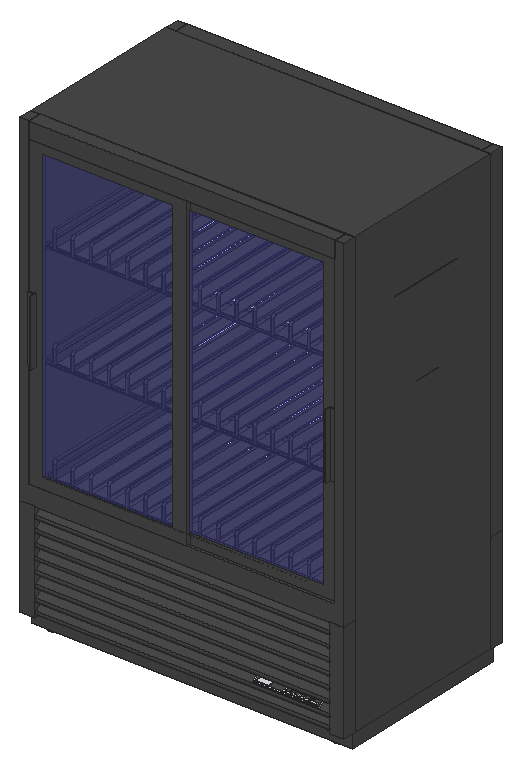
Revit family "QF_TRUE_GDM-33CPT-54-HC-LD", category Specialty Equipment, Revit 2016
Family settings
  Part Type = Normal
  Round Connector Dimension = Use Diameter
  Work Plane-Based = No
  Always vertical = Yes
  Cut with Voids When Loaded = No
  Shared = No
  Room Calculation Point = No
Parameters
  Weight in Pounds = 0
  Watts = if(Phase = 3, Volts * FL Amps * 1.73, Volts * FL Amps)  # 230 W
  Volts = 115 V
  URL Cutsheet = ""
  Specification by User = ""
  Specification by Manufacturer = ""
  Show Logo = yes
  Show Default Legs [instance] = if(or(Show 6 Inches Standard Legs, Show 2.5 Inches Castors), or(Show 4 Inches Castors, and(Show 6 Inches Standard Legs, Show 2.5 Inches Castors), and(Show 2.5 Inches Castors, Show 6 Inches Seismic Flanged Legs)), if(Show 4 Inches Castors, Show 6 Inches Seismic Flanged Legs, not(Show 6 Inches Seismic Flanged Legs)))  # yes
  Show 6 Inches Standard Legs [instance] = no
  Show 6 Inches Seismic Flanged Legs [instance] = no
  Show 4 Inches Castors [instance] = no
  Show 2.5 Inches Castors [instance] = no
  Serial Number = ""
  Seismic Rating = ""
  SMACNA No = ""
  Revision Code = ""
  Phase = 1
  Number of Poles = 1
  NAFEM Spec ID Number = ""
  Model = "GDM-33CPT-54-HC-LD"
  Min Ckt Ampacity = 0 A
  Max Overcurrent Protection = 0 A
  Materials and Finishes = QF_Plastic - Black - Smooth
  Masterspec = ""
  Manufacturer = "TRUE"
  Length = 39 1/2"
  Item Number = ""
  Installed By = ""
  Identify Quantity as Lot = yes
  Height [instance] = Body Height + Base Height  # 54 1/16"
  HP = "1/5"
  Furnished By = ""
  Foodservice Equipment Identifier = yes
  FL Amps = 2 A
  Electrical Remarks = ""
  Electric Connection Type = ""
  Elec Conn RI Height = 0"
  Elec Conn Connection Height = 0"
  Description = "SLIDE DOOR LOWER HEIGHT NARROW DEPTH FAST LANE PASS-THRU REFRIGERATOR WITH HYDROCARBON REFRIGERANT AND LED LIGHTING"
  Depth = 24 1/16"
  Cycle = 60 Hz
  Conn Plug = "NEMA 5-15P"
  Conn Conduit = yes
  CSI MasterFormat = ""
  Body Height [instance] = 53 3/4"  # constant formula
  Base Height [instance] = if(Show Default Legs, 5/16", if(Show 2.5 Inches Castors, 2 1/2", if(Show 6 Inches Standard Legs, 6", if(Show 4 Inches Castors, 4", if(Show 6 Inches Seismic Flanged Legs, 6", 5" / 16)))))  # 5/16"
  Apparent Power = if(Phase = 3, Volts * FL Amps * 1.73, Volts * FL Amps)  # 230 VA
  6 Inches Standard Legs [instance] = and(Show 6 Inches Standard Legs, not(Show Default Legs))  # no
  6 Inches Seismic Flanged Legs [instance] = and(Show 6 Inches Seismic Flanged Legs, not(Show Default Legs))  # no
  4 Inches Castors [instance] = and(Show 4 Inches Castors, not(Show Default Legs))  # no
  2.5 Inches Casters [instance] = and(Show 2.5 Inches Castors, not(Show Default Legs))  # no
Reference planes (in)
  plane 1 "BACK": y = 0
  plane 2: z = 0
  plane 3 "LEFT": x = 0
  plane 4 "RIGHT": x = 39.5
  plane 5 "FRONT": y = -24.0625
  plane 6 "TOP": z = 0.3125
  plane 7 "Center Y": x = 19.75
  plane 8 "Center X": y = -12.03125
  plane 9: z = 54.0625
Dimensions and locks (in)
  equal spacing: plane 3 "LEFT", plane 7 "Center Y", plane 4 "RIGHT"
  "Length": plane 3 "LEFT" to plane 4 "RIGHT"
  equal spacing: plane 5 "FRONT", plane 8 "Center X", plane 1 "BACK"
  "Depth": plane 5 "FRONT" to plane 1 "BACK"
  "Base Height": plane 6 "TOP" to level
  "Body Height": plane 9 to plane 6 "TOP"
  aligned and locked: level to plane 2
  aligned and locked: plane 6 "TOP" to nested 1
Nested families (in)
  nested 1: "GDM-33CPT-54-HC-LD" at (0, 0, 0), Show Logo <- "Show Logo", Show Default Legs <- "Show Default Legs", type "GDM-33CPT-54-HC-LD"
    with Show Logo yes, Show Default Legs yes
  nested 2: "CASTER-LEGS" at (2.32663, -21.5625, 0), Show Siesmic Flanged <- "Show 6 Inches Seismic Flanged Legs", Show 6 Inches Legs <- "Show 6 Inches Standard Legs", Show 4" Casters <- "Show 4 Inches Castors", Show 2.5 Casters <- "Show 2.5 Inches Castors", type "CASTER-LEGS"
    with Type Mark "", Status "", Specification by User "", Show Siesmic Flanged no, Show 6 Inches Legs no, Show 4" Casters no, Show 2.5 Casters no, Revision Code "", Low Profile yes, Item Number "", Installed By "", Identify Quantity as Lot yes, Furnished By "", Foodservice Equipment Identifier yes
  nested 3: "CASTER-LEGS" at (37.17337, -21.5625, 0), Show Siesmic Flanged <- "Show 6 Inches Seismic Flanged Legs", Show 6 Inches Legs <- "Show 6 Inches Standard Legs", Show 4" Casters <- "Show 4 Inches Castors", Show 2.5 Casters <- "Show 2.5 Inches Castors", type "CASTER-LEGS"
    with Type Mark "", Status "", Specification by User "", Show Siesmic Flanged no, Show 6 Inches Legs no, Show 4" Casters no, Show 2.5 Casters no, Revision Code "", Low Profile yes, Item Number "", Installed By "", Identify Quantity as Lot yes, Furnished By "", Foodservice Equipment Identifier yes
  nested 4: "CASTER-LEGS" at (2.32663, -2.5625, 0), Show Siesmic Flanged <- "Show 6 Inches Seismic Flanged Legs", Show 6 Inches Legs <- "Show 6 Inches Standard Legs", Show 4" Casters <- "Show 4 Inches Castors", Show 2.5 Casters <- "Show 2.5 Inches Castors", type "CASTER-LEGS"
    with Type Mark "", Status "", Specification by User "", Show Siesmic Flanged no, Show 6 Inches Legs no, Show 4" Casters no, Show 2.5 Casters no, Revision Code "", Low Profile yes, Item Number "", Installed By "", Identify Quantity as Lot yes, Furnished By "", Foodservice Equipment Identifier yes
  nested 5: "CASTER-LEGS" at (37.17337, -2.5625, 0), Show Siesmic Flanged <- "Show 6 Inches Seismic Flanged Legs", Show 6 Inches Legs <- "Show 6 Inches Standard Legs", Show 4" Casters <- "Show 4 Inches Castors", Show 2.5 Casters <- "Show 2.5 Inches Castors", type "CASTER-LEGS"
    with Type Mark "", Status "", Specification by User "", Show Siesmic Flanged no, Show 6 Inches Legs no, Show 4" Casters no, Show 2.5 Casters no, Revision Code "", Low Profile yes, Item Number "", Installed By "", Identify Quantity as Lot yes, Furnished By "", Foodservice Equipment Identifier yes
Connectors (in)
  electrical at (3.55234, -3.6158, 2.35011), driven by "Volts", driven by "Watts"
    settings: on nested 1, index 1, voltage 115 V, apparent load 230 VA, apparent load phase1 0 VA, apparent load phase2 0 VA, apparent load phase3 0 VA, power factor 1, load classification "Other", number of poles 1, system type 30, power factor state 1, is connector primary yes, connector utility no, sub classification motor no, connector description "ELECTRICAL CONNECTION"
Definition of nested family "GDM-33CPT-54-HC-LD"
  Parameters (values of type "GDM-33CPT-54-HC-LD")
    Weight in Pounds = 0
    Watts = if(Phase = 3, Volts * FL Amps * 1.73, Volts * FL Amps)  # 230 W
    Volts = 115 V
    URL Cutsheet = ""
    Specification by User = ""
    Specification by Manufacturer = ""
    Show Logo [instance] = yes
    Show Default Legs [instance] = yes
    Serial Number = ""
    Seismic Rating = ""
    SMACNA No = ""
    Revision Code = ""
    Phase = 1
    Number of Poles = 1
    NAFEM Spec ID Number = ""
    Model = ""
    Min Ckt Ampacity = 0 A
    Max Overcurrent Protection = 0 A
    Materials and Finishes = none
    Masterspec = ""
    Manufacturer = ""
    Length = 39 1/2"
    Item Number = ""
    Installed By = ""
    Identify Quantity as Lot = yes
    Height = 56 1/16"
    HP = "1/4"
    Furnished By = ""
    Foodservice Equipment Identifier = yes
    FL Amps = 2 A
    Electrical Remarks = ""
    Electric Connection Type = ""
    Elec Conn RI Height = 0"
    Elec Conn Connection Height = 0"
    Description = ""
    Depth = 24 1/16"
    Cycle = 60 Hz
    Conn Plug = "5-15P"
    Conn Conduit = yes
    CSI MasterFormat = ""
    Apparent Power = if(Phase = 3, Volts * FL Amps * 1.73, Volts * FL Amps)  # 230 VA
  Reference planes (in)
    plane 1 "BACK": y = 0
    plane 2: z = 0
    plane 3 "LEFT": x = 0
    plane 4 "RIGHT": x = 39.5
    plane 5 "FRONT": y = -24.0625
    plane 6 "TOP": z = 56.0625
    plane 7 "Center Y": x = 19.75
    plane 8 "Center X": y = -12.03125
    plane 9: z = 0.3125
    plane 10: y = 0.8125
    plane 11: y = -24.875
  Forms (in)
    Extrusion 1, solid, material <- "Materials and Finishes"
      sketch origin (0, 7.125, 0) x (1, 0, 0) y (0, 0, 1)
        loop
          line (0, 1.91181) -> (39.5, 1.91181) -> (39.5, 56.0625) -> (0, 56.0625) -> (0, 1.91181)
        loop
          line (1.08719, 54.0625) -> (1.08719, 12.99299) -> (38.41281, 12.99299) -> (38.41281, 54.0625) -> (1.08719, 54.0625)
      from 8.75 to 29.5625
    Extrusion 2, solid, material <- "Materials and Finishes"
      sketch origin (0, 7.125, 0) x (1, 0, 0) y (0, 0, 1)
        loop
          line (0.39673, 0.3125) -> (39.5, 0.3125) -> (39.5, 1.91181) -> (0.39673, 1.91181) -> (0.39673, 0.3125)
      from 8.42397 to 29.875
    Extrusion 3, solid, material <- "Materials and Finishes"
      sketch origin (0, -22.4375, 0) x (1, 0, 0) y (0, 0, 1)
        loop
          line (0, 14.11572) -> (0, 1.91181) -> (1.73646, 1.91181) -> (1.73646, 14.11572) -> (0, 14.11572)
        loop
          line (39.5, 14.11572) -> (37.76354, 14.11572) -> (37.76354, 1.91181) -> (39.5, 1.91181) -> (39.5, 14.11572)
      from 0 to 1.625
    Extrusion 4, solid, material <- "Materials and Finishes"
      sketch origin (1.73646, -22.4375, 11.86572) x (0, 0, -1) y (0, 1, 0)
        loop
          line (-2.25, 0) -> (-1.22612, -1.51797)
          arc (-1.22612, -1.51797) -> (-0.87906, -1.58543) -> (-0.8116, -1.23837) r 0.25
          line (-0.8116, -1.23837) -> (-1.64689, 0) -> (-2.25, 0)
        loop
          line (-0.74897, 0) -> (0.27366, -1.51611)
          arc (0.27366, -1.51611) -> (0.62072, -1.58358) -> (0.68818, -1.23652) r 0.25
          line (0.68818, -1.23652) -> (-0.14586, 0) -> (-0.74897, 0)
        loop
          line (0.76799, 0) -> (1.78844, -1.51288)
          arc (1.78844, -1.51288) -> (2.1355, -1.58034) -> (2.20296, -1.23328) r 0.25
          line (2.20296, -1.23328) -> (1.3711, 0) -> (0.76799, 0)
        loop
          line (2.28495, 0) -> (3.3008, -1.50605)
          arc (3.3008, -1.50605) -> (3.64785, -1.57351) -> (3.71531, -1.22645) r 0.25
          line (3.71531, -1.22645) -> (2.88806, 0) -> (2.28495, 0)
        loop
          line (3.78598, 0) -> (4.80998, -1.51815)
          arc (4.80998, -1.51815) -> (5.15704, -1.58561) -> (5.2245, -1.23855) r 0.25
          line (5.2245, -1.23855) -> (4.38909, 0) -> (3.78598, 0)
        loop
          line (5.30294, 0) -> (6.31851, -1.50565)
          arc (6.31851, -1.50565) -> (6.66557, -1.57311) -> (6.73303, -1.22605) r 0.25
          line (6.73303, -1.22605) -> (5.90605, 0) -> (5.30294, 0)
        loop
          line (6.8199, 0) -> (7.84115, -1.51407)
          arc (7.84115, -1.51407) -> (8.18821, -1.58153) -> (8.25567, -1.23447) r 0.25
          line (8.25567, -1.23447) -> (7.42301, 0) -> (6.8199, 0)
        loop
          line (8.19593, 0) -> (9.21516, -1.51106)
          arc (9.21516, -1.51106) -> (9.56221, -1.57852) -> (9.62967, -1.23146) r 0.25
          line (9.62967, -1.23146) -> (8.79904, 0) -> (8.19593, 0)
        loop
          line (-2.25, 20.8125) -> (-1.64689, 20.8125) -> (-0.8116, 22.05087)
          arc (-0.8116, 22.05087) -> (-0.87906, 22.39793) -> (-1.22612, 22.33047) r 0.25
          line (-1.22612, 22.33047) -> (-2.25, 20.8125)
        loop
          line (-0.74897, 20.8125) -> (-0.14586, 20.8125) -> (0.68818, 22.04902)
          arc (0.68818, 22.04902) -> (0.62072, 22.39608) -> (0.27366, 22.32861) r 0.25
          line (0.27366, 22.32861) -> (-0.74897, 20.8125)
        loop
          line (0.76799, 20.8125) -> (1.3711, 20.8125) -> (2.20296, 22.04578)
          arc (2.20296, 22.04578) -> (2.1355, 22.39284) -> (1.78844, 22.32538) r 0.25
          line (1.78844, 22.32538) -> (0.76799, 20.8125)
        loop
          line (2.28495, 20.8125) -> (2.88806, 20.8125) -> (3.71531, 22.03895)
          arc (3.71531, 22.03895) -> (3.64785, 22.38601) -> (3.3008, 22.31855) r 0.25
          line (3.3008, 22.31855) -> (2.28495, 20.8125)
        loop
          line (3.78598, 20.8125) -> (4.38909, 20.8125) -> (5.2245, 22.05105)
          arc (5.2245, 22.05105) -> (5.15704, 22.39811) -> (4.80998, 22.33065) r 0.25
          line (4.80998, 22.33065) -> (3.78598, 20.8125)
        loop
          line (5.30294, 20.8125) -> (5.90605, 20.8125) -> (6.73303, 22.03855)
          arc (6.73303, 22.03855) -> (6.66557, 22.38561) -> (6.31851, 22.31815) r 0.25
          line (6.31851, 22.31815) -> (5.30294, 20.8125)
        loop
          line (6.8199, 20.8125) -> (7.42301, 20.8125) -> (8.25567, 22.04697)
          arc (8.25567, 22.04697) -> (8.18821, 22.39403) -> (7.84115, 22.32657) r 0.25
          line (7.84115, 22.32657) -> (6.8199, 20.8125)
        loop
          line (8.19593, 20.8125) -> (8.79904, 20.8125) -> (9.62967, 22.04396)
          arc (9.62967, 22.04396) -> (9.56221, 22.39102) -> (9.21516, 22.32356) r 0.25
          line (9.21516, 22.32356) -> (8.19593, 20.8125)
      from 0 to 36.02708
    Revolve 5, solid, material <- "Materials and Finishes", visible <- "Show Default Legs"
      sketch origin (0, -21.5625, 0) x (1, 0, 0) y (0, 0, 1)
        loop
          line (1.38444, 0) -> (2.32663, 0) -> (2.32663, 0.3125) -> (1.38444, 0.3125) -> (1.38444, 0)
        axis (2.32663, 0) -> (2.32663, 0.3125)
      angle from 0 to 360
    Extrusion 6, solid, material <- "Materials and Finishes"
      sketch origin (47.125, -22.4375, 0) x (-1, 0, 0) y (0, 0, -1)
        loop
          line (7.625, -14.11572) -> (7.625, -56.0625) -> (8.71219, -56.0625) -> (8.71219, -16.33674) -> (46.03781, -16.33674) -> (46.03781, -56.0625) -> (47.125, -56.0625) -> (47.125, -14.11572) -> (7.625, -14.11572)
      from 1.625 to 0
    Extrusion 7, solid, material <- "Materials and Finishes"
      sketch origin (43.3125, -23.94431, 0) x (-1, 0, 0) y (0, 0, -1)
        loop
          line (22.9375, -16.33674) -> (22.9375, -54.0625) -> (42.22531, -54.0625) -> (42.22531, -16.33674) -> (22.9375, -16.33674)
        loop
          line (24.6875, -17.61799) -> (24.6875, -52.9375) -> (40.60186, -52.9375) -> (40.60186, -17.61799) -> (24.6875, -17.61799)
      from -0.25 to 0.11819
    Revolve 8, solid, material <- "Materials and Finishes", visible <- "Show Default Legs"
      sketch origin (39.5, -21.5625, 0) x (-1, 0, 0) y (0, 0, -1)
        loop
          line (1.38444, 0) -> (1.38444, -0.3125) -> (2.32663, -0.3125) -> (2.32663, 0) -> (1.38444, 0)
        axis (2.32663, 0) -> (2.32663, -0.3125)
      angle from 0 to 360
    Extrusion 9, solid, material <- "Materials and Finishes"
      sketch origin (43.3125, -23.57613, 0) x (-1, 0, 0) y (0, 0, -1)
        loop
          line (22.9375, -52.9375) -> (22.9375, -17.61799) -> (6.52314, -17.61799) -> (6.52314, -52.9375) -> (22.9375, -52.9375)
        loop
          line (24.6875, -54.0625) -> (24.6875, -16.33674) -> (4.89969, -16.33674) -> (4.89969, -54.0625) -> (24.6875, -54.0625)
      from -0.25 to 0.11819
    Extrusion 10, solid, material <- "Materials and Finishes"
      sketch origin (1.08719, -22.4375, 12.99299) x (0, 0, 1) y (0, -1, 0)
        loop
          line (43.06951, 1.625) -> (41.06951, 1.625) -> (41.06951, 0) -> (43.06951, 0) -> (43.06951, 1.625)
      from 0 to 37.32562
    Extrusion 11, solid, material <- "Materials and Finishes"
      sketch origin (47.125, -24.0625, -9.5) x (-1, 0, 0) y (0, 0, -1)
        loop
          line (46.03781, -46.92627) -> (46.03781, -38.92627) -> (45.28781, -38.92627) -> (45.28781, -46.92627) -> (46.03781, -46.92627)
      from 0 to 0.125
    Extrusion 12, solid, material <- "Materials and Finishes"
      sketch origin (1.83719, -24.0625, 37.42627) x (0, 0, -1) y (0, 1, 0)
        loop
          arc (0, -0.65089) -> (0.04733, -0.76517) -> (0.16161, -0.8125) r 0.16161
          line (0.16161, -0.8125) -> (7.83984, -0.8125)
          arc (7.83984, -0.8125) -> (7.95309, -0.76559) -> (8, -0.65234) r 0.16016
          line (8, -0.65234) -> (8, 0) -> (0, 0) -> (0, -0.65089)
      from 0 to 0.125
    Extrusion 13, solid, material <- "Materials and Finishes"
      sketch origin (-7.625, -23.69431, -9.5) x (1, 0, 0) y (0, 0, 1)
        loop
          line (46.03781, 46.92627) -> (45.28781, 46.92627) -> (45.28781, 38.92627) -> (46.03781, 38.92627) -> (46.03781, 46.92627)
      from 0 to 0.125
    Extrusion 14, solid, material <- "Materials and Finishes"
      sketch origin (37.66281, -23.69431, 37.42627) x (0, 0, -1) y (0, -1, 0)
        loop
          line (0, 0.65089) -> (0, 0) -> (8, 0) -> (8, 0.65234)
          arc (8, 0.65234) -> (7.95309, 0.76559) -> (7.83984, 0.8125) r 0.16016
          line (7.83984, 0.8125) -> (0.16161, 0.8125)
          arc (0.16161, 0.8125) -> (0.04733, 0.76517) -> (0, 0.65089) r 0.16161
      from 0 to 0.125
    Extrusion 15, solid, material <- "Materials and Finishes"
      sketch origin (0, -1.625, 0) x (1, 0, 0) y (0, 0, -1)
        loop
          line (0, -14.11572) -> (1.73646, -14.11572) -> (1.73646, -1.91181) -> (0, -1.91181) -> (0, -14.11572)
        loop
          line (39.5, -14.11572) -> (39.5, -1.91181) -> (37.76354, -1.91181) -> (37.76354, -14.11572) -> (39.5, -14.11572)
      from 0 to 1.625
    Revolve 16, solid, material <- "Materials and Finishes", visible <- "Show Default Legs"
      sketch origin (0, -2.5, 0) x (1, 0, 0) y (0, 0, -1)
        loop
          line (1.38444, 0) -> (1.38444, -0.3125) -> (2.32663, -0.3125) -> (2.32663, 0) -> (1.38444, 0)
        axis (2.32663, 0) -> (2.32663, -0.3125)
      angle from 0 to 360
    Revolve 17, solid, material <- "Materials and Finishes", visible <- "Show Default Legs"
      sketch origin (39.5, -2.5, 0) x (-1, 0, 0) y (0, 0, 1)
        loop
          line (1.38444, 0) -> (2.32663, 0) -> (2.32663, 0.3125) -> (1.38444, 0.3125) -> (1.38444, 0)
        axis (2.32663, 0) -> (2.32663, 0.3125)
      angle from 0 to 360
    Extrusion 18, solid, material <- "Materials and Finishes"
      sketch origin (47.125, 0, 0) x (-1, 0, 0) y (0, 0, -1)
        loop
          line (7.625, -14.11572) -> (7.625, -56.0625) -> (8.71219, -56.0625) -> (8.71219, -16.33674) -> (46.03781, -16.33674) -> (46.03781, -56.0625) -> (47.125, -56.0625) -> (47.125, -14.11572) -> (7.625, -14.11572)
      from 1.625 to 0
    Extrusion 19, solid, material <- "Materials and Finishes"
      sketch origin (1.08719, 0, 12.99299) x (0, 0, 1) y (0, -1, 0)
        loop
          line (43.06951, 1.625) -> (41.06951, 1.625) -> (41.06951, 0) -> (43.06951, 0) -> (43.06951, 1.625)
      from 0 to 37.32562
    Extrusion 20, solid, material <- "Materials and Finishes"
      sketch origin (43.3125, -0.61819, 0) x (-1, 0, 0) y (0, 0, -1)
        loop
          line (22.9375, -16.33674) -> (22.9375, -54.0625) -> (42.22531, -54.0625) -> (42.22531, -16.33674) -> (22.9375, -16.33674)
        loop
          line (24.6875, -17.61799) -> (24.6875, -52.9375) -> (40.60186, -52.9375) -> (40.60186, -17.61799) -> (24.6875, -17.61799)
      from -0.25 to 0.11819
    Extrusion 21, solid, material <- "Materials and Finishes"
      sketch origin (43.3125, -0.25, 0) x (-1, 0, 0) y (0, 0, -1)
        loop
          line (22.9375, -52.9375) -> (22.9375, -17.61799) -> (6.52314, -17.61799) -> (6.52314, -52.9375) -> (22.9375, -52.9375)
        loop
          line (24.6875, -54.0625) -> (24.6875, -16.33674) -> (4.89969, -16.33674) -> (4.89969, -54.0625) -> (24.6875, -54.0625)
      from -0.25 to 0.11819
    Extrusion 22, solid, material <- "Materials and Finishes"
      sketch origin (-7.625, 0, -9.5) x (1, 0, 0) y (0, 0, -1)
        loop
          line (46.03781, -46.92627) -> (46.03781, -38.92627) -> (45.28781, -38.92627) -> (45.28781, -46.92627) -> (46.03781, -46.92627)
      from 0 to 0.125
    Extrusion 23, solid, material <- "Materials and Finishes"
      sketch origin (37.66281, 0, 37.42627) x (0, 0, -1) y (0, -1, 0)
        loop
          arc (0, -0.65089) -> (0.04733, -0.76517) -> (0.16161, -0.8125) r 0.16161
          line (0.16161, -0.8125) -> (7.83984, -0.8125)
          arc (7.83984, -0.8125) -> (7.95309, -0.76559) -> (8, -0.65234) r 0.16016
          line (8, -0.65234) -> (8, 0) -> (0, 0) -> (0, -0.65089)
      from 0 to 0.125
    Extrusion 24, solid, material <- "Materials and Finishes"
      sketch origin (47.125, -0.36819, -9.5) x (-1, 0, 0) y (0, 0, 1)
        loop
          line (46.03781, 46.92627) -> (45.28781, 46.92627) -> (45.28781, 38.92627) -> (46.03781, 38.92627) -> (46.03781, 46.92627)
      from 0 to 0.125
    Extrusion 25, solid, material <- "Materials and Finishes"
      sketch origin (1.83719, -0.36819, 37.42627) x (0, 0, -1) y (0, 1, 0)
        loop
          line (0, 0.65089) -> (0, 0) -> (8, 0) -> (8, 0.65234)
          arc (8, 0.65234) -> (7.95309, 0.76559) -> (7.83984, 0.8125) r 0.16016
          line (7.83984, 0.8125) -> (0.16161, 0.8125)
          arc (0.16161, 0.8125) -> (0.04733, 0.76517) -> (0, 0.65089) r 0.16161
      from 0 to 0.125
    Extrusion 26, solid
      sketch origin (43.3125, -24.0625, 0) x (-1, 0, 0) y (0, 0, -1)
        loop
          line (24.6875, -17.61799) -> (24.6875, -52.9375) -> (40.60186, -52.9375) -> (40.60186, -17.61799) -> (24.6875, -17.61799)
      from 0 to -0.25
    Extrusion 27, solid
      sketch origin (43.3125, -23.69431, 0) x (-1, 0, 0) y (0, 0, -1)
        loop
          line (6.52314, -17.61799) -> (6.52314, -52.9375) -> (22.9375, -52.9375) -> (22.9375, -17.61799) -> (6.52314, -17.61799)
      from 0 to -0.25
    Extrusion 28, solid
      sketch origin (43.3125, 0, 0) x (1, 0, 0) y (0, 0, -1)
        loop
          line (-22.9375, -17.61799) -> (-22.9375, -52.9375) -> (-6.52314, -52.9375) -> (-6.52314, -17.61799) -> (-22.9375, -17.61799)
      from 0 to -0.25
    Extrusion 29, solid
      sketch origin (43.3125, -0.36819, 0) x (1, 0, 0) y (0, 0, -1)
        loop
          line (-40.60186, -17.61799) -> (-40.60186, -52.9375) -> (-24.6875, -52.9375) -> (-24.6875, -17.61799) -> (-40.60186, -17.61799)
      from 0 to -0.25
    Extrusion 30, solid
      sketch origin (0, 0, 0) x (1, 0, 0) y (0, 1, 0)
        loop
          circle (3.55234, -3.6158) r 0.5
      from 2.57371 to 2.35011
    Sweep 31, solid, material <- "Materials and Finishes"
      path origin (0, 0.875, 16.25) x (1, 0, 0) y (0, 1, 0)
        loop
          arc (1.21875, -22.41604) -> (1.3468, -22.72519) -> (1.65595, -22.85324) r 0.4372
          line (1.65595, -22.85324) -> (37.84405, -22.85324)
          arc (37.84405, -22.85324) -> (38.1532, -22.72519) -> (38.28125, -22.41604) r 0.4372
          line (38.28125, -22.41604) -> (38.28125, -3.39646)
          arc (38.28125, -3.39646) -> (38.1532, -3.08731) -> (37.84405, -2.95926) r 0.4372
          line (37.84405, -2.95926) -> (1.65595, -2.95926)
          arc (1.65595, -2.95926) -> (1.3468, -3.08731) -> (1.21875, -3.39646) r 0.4372
          line (1.21875, -3.39646) -> (1.21875, -22.41604)
      profile origin (1.21875, -12.03125, 16.25) x (-1, 0, 0) y (0, 0, 1)
        loop
          circle (0, 0) r 0.125
    Sweep 32, solid, material <- "Materials and Finishes"
      path origin (35.78125, 0.875, 1.875) x (0, 1, 0) y (0, 0, 1)
        loop
          line (-22.85067, 14.3535) -> (-22.85067, 16.24933)
          arc (-22.85067, 16.24933) -> (-22.77745, 16.4261) -> (-22.60067, 16.49933) r 0.25
          line (-22.60067, 16.49933) -> (-3.21183, 16.49933)
          arc (-3.21183, 16.49933) -> (-3.03505, 16.4261) -> (-2.96183, 16.24933) r 0.25
          line (-2.96183, 16.24933) -> (-2.96183, 14.3535)
      profile origin (35.78125, -21.97567, 17.17641) x (0, -1, 0) y (1, 0, 0)
        loop
          circle (0, 0) r 0.125
    Extrusion 33, solid, material <- "Materials and Finishes"
      sketch origin (0, 0.875, 1.875) x (1, 0, 0) y (0, 0, 1)
        loop
          line (22.08566, 14.49912) -> (22.08566, 14.62412) -> (20.58566, 14.62412) -> (20.58566, 14.49912) -> (22.08566, 14.49912)
        loop
          line (19.86691, 14.49912) -> (19.86691, 14.62412) -> (18.36691, 14.62412) -> (18.36691, 14.49912) -> (19.86691, 14.49912)
        loop
          line (17.64816, 14.49912) -> (17.64816, 14.62412) -> (16.14816, 14.62412) -> (16.14816, 14.49912) -> (17.64816, 14.49912)
        loop
          line (15.42941, 14.49912) -> (15.42941, 14.62412) -> (13.92941, 14.62412) -> (13.92941, 14.49912) -> (15.42941, 14.49912)
        loop
          line (13.21066, 14.49912) -> (13.21066, 14.62412) -> (11.71066, 14.62412) -> (11.71066, 14.49912) -> (13.21066, 14.49912)
        loop
          line (10.99191, 14.49912) -> (10.99191, 14.62412) -> (9.49191, 14.62412) -> (9.49191, 14.49912) -> (10.99191, 14.49912)
        loop
          line (8.77316, 14.49912) -> (8.77316, 14.62412) -> (7.27316, 14.62412) -> (7.27316, 14.49912) -> (8.77316, 14.49912)
        loop
          line (6.55441, 14.49912) -> (6.55441, 14.62412) -> (5.05441, 14.62412) -> (5.05441, 14.49912) -> (6.55441, 14.49912)
        loop
          line (4.33566, 14.49912) -> (4.33566, 14.62412) -> (2.83566, 14.62412) -> (2.83566, 14.49912) -> (4.33566, 14.49912)
        loop
          line (37.61691, 14.49912) -> (37.61691, 14.62412) -> (36.11691, 14.62412) -> (36.11691, 14.49912) -> (37.61691, 14.49912)
        loop
          line (35.39816, 14.49912) -> (35.39816, 14.62412) -> (33.89816, 14.62412) -> (33.89816, 14.49912) -> (35.39816, 14.49912)
        loop
          line (33.17941, 14.49912) -> (33.17941, 14.62412) -> (31.67941, 14.62412) -> (31.67941, 14.49912) -> (33.17941, 14.49912)
        loop
          line (30.96066, 14.49912) -> (30.96066, 14.62412) -> (29.46066, 14.62412) -> (29.46066, 14.49912) -> (30.96066, 14.49912)
        loop
          line (28.74191, 14.49912) -> (28.74191, 14.62412) -> (27.24191, 14.62412) -> (27.24191, 14.49912) -> (28.74191, 14.49912)
        loop
          line (26.52316, 14.49912) -> (26.52316, 14.62412) -> (25.02316, 14.62412) -> (25.02316, 14.49912) -> (26.52316, 14.49912)
        loop
          line (24.30441, 14.49912) -> (24.30441, 14.62412) -> (22.80441, 14.62412) -> (22.80441, 14.49912) -> (24.30441, 14.49912)
      from 22.85799 to 2.9578
    Sweep 34, solid, material <- "Materials and Finishes"
      path origin (33.5625, 0.875, 1.875) x (0, 1, 0) y (0, 0, 1)
        loop
          line (-22.85067, 14.3535) -> (-22.85067, 16.24933)
          arc (-22.85067, 16.24933) -> (-22.77745, 16.4261) -> (-22.60067, 16.49933) r 0.25
          line (-22.60067, 16.49933) -> (-3.21183, 16.49933)
          arc (-3.21183, 16.49933) -> (-3.03505, 16.4261) -> (-2.96183, 16.24933) r 0.25
          line (-2.96183, 16.24933) -> (-2.96183, 14.3535)
      profile origin (33.5625, -21.97567, 17.17641) x (0, -1, 0) y (1, 0, 0)
        loop
          circle (0, 0) r 0.125
    Sweep 35, solid, material <- "Materials and Finishes"
      path origin (31.34375, 0.875, 1.875) x (0, 1, 0) y (0, 0, 1)
        loop
          line (-22.85067, 14.3535) -> (-22.85067, 16.24933)
          arc (-22.85067, 16.24933) -> (-22.77745, 16.4261) -> (-22.60067, 16.49933) r 0.25
          line (-22.60067, 16.49933) -> (-3.21183, 16.49933)
          arc (-3.21183, 16.49933) -> (-3.03505, 16.4261) -> (-2.96183, 16.24933) r 0.25
          line (-2.96183, 16.24933) -> (-2.96183, 14.3535)
      profile origin (31.34375, -21.97567, 17.17641) x (0, -1, 0) y (1, 0, 0)
        loop
          circle (0, 0) r 0.125
    Sweep 36, solid, material <- "Materials and Finishes"
      path origin (29.125, 0.875, 1.875) x (0, 1, 0) y (0, 0, 1)
        loop
          line (-22.85067, 14.3535) -> (-22.85067, 16.24933)
          arc (-22.85067, 16.24933) -> (-22.77745, 16.4261) -> (-22.60067, 16.49933) r 0.25
          line (-22.60067, 16.49933) -> (-3.21183, 16.49933)
          arc (-3.21183, 16.49933) -> (-3.03505, 16.4261) -> (-2.96183, 16.24933) r 0.25
          line (-2.96183, 16.24933) -> (-2.96183, 14.3535)
      profile origin (29.125, -21.97567, 17.17641) x (0, -1, 0) y (1, 0, 0)
        loop
          circle (0, 0) r 0.125
    Sweep 37, solid, material <- "Materials and Finishes"
      path origin (26.91774, 0.875, 1.875) x (0, 1, 0) y (0, 0, 1)
        loop
          line (-22.85067, 14.3535) -> (-22.85067, 16.24933)
          arc (-22.85067, 16.24933) -> (-22.77745, 16.4261) -> (-22.60067, 16.49933) r 0.25
          line (-22.60067, 16.49933) -> (-3.21183, 16.49933)
          arc (-3.21183, 16.49933) -> (-3.03505, 16.4261) -> (-2.96183, 16.24933) r 0.25
          line (-2.96183, 16.24933) -> (-2.96183, 14.3535)
      profile origin (26.91774, -21.97567, 17.17641) x (0, -1, 0) y (1, 0, 0)
        loop
          circle (0, 0) r 0.125
    Sweep 38, solid, material <- "Materials and Finishes"
      path origin (24.69899, 0.875, 1.875) x (0, 1, 0) y (0, 0, 1)
        loop
          line (-22.85067, 14.3535) -> (-22.85067, 16.24933)
          arc (-22.85067, 16.24933) -> (-22.77745, 16.4261) -> (-22.60067, 16.49933) r 0.25
          line (-22.60067, 16.49933) -> (-3.21183, 16.49933)
          arc (-3.21183, 16.49933) -> (-3.03505, 16.4261) -> (-2.96183, 16.24933) r 0.25
          line (-2.96183, 16.24933) -> (-2.96183, 14.3535)
      profile origin (24.69899, -21.97567, 17.17641) x (0, -1, 0) y (1, 0, 0)
        loop
          circle (0, 0) r 0.125
    Sweep 39, solid, material <- "Materials and Finishes"
      path origin (22.48024, 0.875, 1.875) x (0, 1, 0) y (0, 0, 1)
        loop
          line (-22.85067, 14.3535) -> (-22.85067, 16.24933)
          arc (-22.85067, 16.24933) -> (-22.77745, 16.4261) -> (-22.60067, 16.49933) r 0.25
          line (-22.60067, 16.49933) -> (-3.21183, 16.49933)
          arc (-3.21183, 16.49933) -> (-3.03505, 16.4261) -> (-2.96183, 16.24933) r 0.25
          line (-2.96183, 16.24933) -> (-2.96183, 14.3535)
      profile origin (22.48024, -21.97567, 17.17641) x (0, -1, 0) y (1, 0, 0)
        loop
          circle (0, 0) r 0.125
    Sweep 40, solid, material <- "Materials and Finishes"
      path origin (20.26149, 0.875, 1.875) x (0, 1, 0) y (0, 0, 1)
        loop
          line (-22.85067, 14.3535) -> (-22.85067, 16.24933)
          arc (-22.85067, 16.24933) -> (-22.77745, 16.4261) -> (-22.60067, 16.49933) r 0.25
          line (-22.60067, 16.49933) -> (-3.21183, 16.49933)
          arc (-3.21183, 16.49933) -> (-3.03505, 16.4261) -> (-2.96183, 16.24933) r 0.25
          line (-2.96183, 16.24933) -> (-2.96183, 14.3535)
      profile origin (20.26149, -21.97567, 17.17641) x (0, -1, 0) y (1, 0, 0)
        loop
          circle (0, 0) r 0.125
    Sweep 41, solid, material <- "Materials and Finishes"
      path origin (18.04274, 0.875, 1.875) x (0, 1, 0) y (0, 0, 1)
        loop
          line (-22.85067, 14.3535) -> (-22.85067, 16.24933)
          arc (-22.85067, 16.24933) -> (-22.77745, 16.4261) -> (-22.60067, 16.49933) r 0.25
          line (-22.60067, 16.49933) -> (-3.21183, 16.49933)
          arc (-3.21183, 16.49933) -> (-3.03505, 16.4261) -> (-2.96183, 16.24933) r 0.25
          line (-2.96183, 16.24933) -> (-2.96183, 14.3535)
      profile origin (18.04274, -21.97567, 17.17641) x (0, -1, 0) y (1, 0, 0)
        loop
          circle (0, 0) r 0.125
    Sweep 42, solid, material <- "Materials and Finishes"
      path origin (15.82399, 0.875, 1.875) x (0, 1, 0) y (0, 0, 1)
        loop
          line (-22.85067, 14.3535) -> (-22.85067, 16.24933)
          arc (-22.85067, 16.24933) -> (-22.77745, 16.4261) -> (-22.60067, 16.49933) r 0.25
          line (-22.60067, 16.49933) -> (-3.21183, 16.49933)
          arc (-3.21183, 16.49933) -> (-3.03505, 16.4261) -> (-2.96183, 16.24933) r 0.25
          line (-2.96183, 16.24933) -> (-2.96183, 14.3535)
      profile origin (15.82399, -21.97567, 17.17641) x (0, -1, 0) y (1, 0, 0)
        loop
          circle (0, 0) r 0.125
    Sweep 43, solid, material <- "Materials and Finishes"
      path origin (13.60524, 0.875, 1.875) x (0, 1, 0) y (0, 0, 1)
        loop
          line (-22.85067, 14.3535) -> (-22.85067, 16.24933)
          arc (-22.85067, 16.24933) -> (-22.77745, 16.4261) -> (-22.60067, 16.49933) r 0.25
          line (-22.60067, 16.49933) -> (-3.21183, 16.49933)
          arc (-3.21183, 16.49933) -> (-3.03505, 16.4261) -> (-2.96183, 16.24933) r 0.25
          line (-2.96183, 16.24933) -> (-2.96183, 14.3535)
      profile origin (13.60524, -21.97567, 17.17641) x (0, -1, 0) y (1, 0, 0)
        loop
          circle (0, 0) r 0.125
    Sweep 44, solid, material <- "Materials and Finishes"
      path origin (11.38649, 0.875, 1.875) x (0, 1, 0) y (0, 0, 1)
        loop
          line (-22.85067, 14.3535) -> (-22.85067, 16.24933)
          arc (-22.85067, 16.24933) -> (-22.77745, 16.4261) -> (-22.60067, 16.49933) r 0.25
          line (-22.60067, 16.49933) -> (-3.21183, 16.49933)
          arc (-3.21183, 16.49933) -> (-3.03505, 16.4261) -> (-2.96183, 16.24933) r 0.25
          line (-2.96183, 16.24933) -> (-2.96183, 14.3535)
      profile origin (11.38649, -21.97567, 17.17641) x (0, -1, 0) y (1, 0, 0)
        loop
          circle (0, 0) r 0.125
    Sweep 45, solid, material <- "Materials and Finishes"
      path origin (9.16774, 0.875, 1.875) x (0, 1, 0) y (0, 0, 1)
        loop
          line (-22.85067, 14.3535) -> (-22.85067, 16.24933)
          arc (-22.85067, 16.24933) -> (-22.77745, 16.4261) -> (-22.60067, 16.49933) r 0.25
          line (-22.60067, 16.49933) -> (-3.21183, 16.49933)
          arc (-3.21183, 16.49933) -> (-3.03505, 16.4261) -> (-2.96183, 16.24933) r 0.25
          line (-2.96183, 16.24933) -> (-2.96183, 14.3535)
      profile origin (9.16774, -21.97567, 17.17641) x (0, -1, 0) y (1, 0, 0)
        loop
          circle (0, 0) r 0.125
    Sweep 46, solid, material <- "Materials and Finishes"
      path origin (6.94899, 0.875, 1.875) x (0, 1, 0) y (0, 0, 1)
        loop
          line (-22.85067, 14.3535) -> (-22.85067, 16.24933)
          arc (-22.85067, 16.24933) -> (-22.77745, 16.4261) -> (-22.60067, 16.49933) r 0.25
          line (-22.60067, 16.49933) -> (-3.21183, 16.49933)
          arc (-3.21183, 16.49933) -> (-3.03505, 16.4261) -> (-2.96183, 16.24933) r 0.25
          line (-2.96183, 16.24933) -> (-2.96183, 14.3535)
      profile origin (6.94899, -21.97567, 17.17641) x (0, -1, 0) y (1, 0, 0)
        loop
          circle (0, 0) r 0.125
    Sweep 47, solid, material <- "Materials and Finishes"
      path origin (4.73024, 0.875, 1.875) x (0, 1, 0) y (0, 0, 1)
        loop
          line (-22.85067, 14.3535) -> (-22.85067, 16.24933)
          arc (-22.85067, 16.24933) -> (-22.77745, 16.4261) -> (-22.60067, 16.49933) r 0.25
          line (-22.60067, 16.49933) -> (-3.21183, 16.49933)
          arc (-3.21183, 16.49933) -> (-3.03505, 16.4261) -> (-2.96183, 16.24933) r 0.25
          line (-2.96183, 16.24933) -> (-2.96183, 14.3535)
      profile origin (4.73024, -21.97567, 17.17641) x (0, -1, 0) y (1, 0, 0)
        loop
          circle (0, 0) r 0.125
    Sweep 48, solid, material <- "Materials and Finishes"
      path origin (2.51149, 0.875, 1.875) x (0, 1, 0) y (0, 0, 1)
        loop
          line (-22.85067, 14.3535) -> (-22.85067, 16.24933)
          arc (-22.85067, 16.24933) -> (-22.77745, 16.4261) -> (-22.60067, 16.49933) r 0.25
          line (-22.60067, 16.49933) -> (-3.21183, 16.49933)
          arc (-3.21183, 16.49933) -> (-3.03505, 16.4261) -> (-2.96183, 16.24933) r 0.25
          line (-2.96183, 16.24933) -> (-2.96183, 14.3535)
      profile origin (2.51149, -21.97567, 17.17641) x (0, -1, 0) y (1, 0, 0)
        loop
          circle (0, 0) r 0.125
    Sweep 49, solid, material <- "Materials and Finishes"
      path origin (0, 0.875, 28.89894) x (1, 0, 0) y (0, 1, 0)
        loop
          arc (1.21875, -22.41604) -> (1.3468, -22.72519) -> (1.65595, -22.85324) r 0.4372
          line (1.65595, -22.85324) -> (37.84405, -22.85324)
          arc (37.84405, -22.85324) -> (38.1532, -22.72519) -> (38.28125, -22.41604) r 0.4372
          line (38.28125, -22.41604) -> (38.28125, -3.39646)
          arc (38.28125, -3.39646) -> (38.1532, -3.08731) -> (37.84405, -2.95926) r 0.4372
          line (37.84405, -2.95926) -> (1.65595, -2.95926)
          arc (1.65595, -2.95926) -> (1.3468, -3.08731) -> (1.21875, -3.39646) r 0.4372
          line (1.21875, -3.39646) -> (1.21875, -22.41604)
      profile origin (1.21875, -12.03125, 28.89894) x (-1, 0, 0) y (0, 0, 1)
        loop
          circle (0, 0) r 0.125
    Sweep 50, solid, material <- "Materials and Finishes"
      path origin (35.78125, 0.875, 14.52394) x (0, 1, 0) y (0, 0, 1)
        loop
          line (-22.85067, 14.3535) -> (-22.85067, 16.24933)
          arc (-22.85067, 16.24933) -> (-22.77745, 16.4261) -> (-22.60067, 16.49933) r 0.25
          line (-22.60067, 16.49933) -> (-3.21183, 16.49933)
          arc (-3.21183, 16.49933) -> (-3.03505, 16.4261) -> (-2.96183, 16.24933) r 0.25
          line (-2.96183, 16.24933) -> (-2.96183, 14.3535)
      profile origin (35.78125, -21.97567, 29.82536) x (0, -1, 0) y (1, 0, 0)
        loop
          circle (0, 0) r 0.125
    Extrusion 51, solid, material <- "Materials and Finishes"
      sketch origin (0, 0.875, 14.52394) x (1, 0, 0) y (0, 0, 1)
        loop
          line (22.08566, 14.49912) -> (22.08566, 14.62412) -> (20.58566, 14.62412) -> (20.58566, 14.49912) -> (22.08566, 14.49912)
        loop
          line (19.86691, 14.49912) -> (19.86691, 14.62412) -> (18.36691, 14.62412) -> (18.36691, 14.49912) -> (19.86691, 14.49912)
        loop
          line (17.64816, 14.49912) -> (17.64816, 14.62412) -> (16.14816, 14.62412) -> (16.14816, 14.49912) -> (17.64816, 14.49912)
        loop
          line (15.42941, 14.49912) -> (15.42941, 14.62412) -> (13.92941, 14.62412) -> (13.92941, 14.49912) -> (15.42941, 14.49912)
        loop
          line (13.21066, 14.49912) -> (13.21066, 14.62412) -> (11.71066, 14.62412) -> (11.71066, 14.49912) -> (13.21066, 14.49912)
        loop
          line (10.99191, 14.49912) -> (10.99191, 14.62412) -> (9.49191, 14.62412) -> (9.49191, 14.49912) -> (10.99191, 14.49912)
        loop
          line (8.77316, 14.49912) -> (8.77316, 14.62412) -> (7.27316, 14.62412) -> (7.27316, 14.49912) -> (8.77316, 14.49912)
        loop
          line (6.55441, 14.49912) -> (6.55441, 14.62412) -> (5.05441, 14.62412) -> (5.05441, 14.49912) -> (6.55441, 14.49912)
        loop
          line (4.33566, 14.49912) -> (4.33566, 14.62412) -> (2.83566, 14.62412) -> (2.83566, 14.49912) -> (4.33566, 14.49912)
        loop
          line (37.61691, 14.49912) -> (37.61691, 14.62412) -> (36.11691, 14.62412) -> (36.11691, 14.49912) -> (37.61691, 14.49912)
        loop
          line (35.39816, 14.49912) -> (35.39816, 14.62412) -> (33.89816, 14.62412) -> (33.89816, 14.49912) -> (35.39816, 14.49912)
        loop
          line (33.17941, 14.49912) -> (33.17941, 14.62412) -> (31.67941, 14.62412) -> (31.67941, 14.49912) -> (33.17941, 14.49912)
        loop
          line (30.96066, 14.49912) -> (30.96066, 14.62412) -> (29.46066, 14.62412) -> (29.46066, 14.49912) -> (30.96066, 14.49912)
        loop
          line (28.74191, 14.49912) -> (28.74191, 14.62412) -> (27.24191, 14.62412) -> (27.24191, 14.49912) -> (28.74191, 14.49912)
        loop
          line (26.52316, 14.49912) -> (26.52316, 14.62412) -> (25.02316, 14.62412) -> (25.02316, 14.49912) -> (26.52316, 14.49912)
        loop
          line (24.30441, 14.49912) -> (24.30441, 14.62412) -> (22.80441, 14.62412) -> (22.80441, 14.49912) -> (24.30441, 14.49912)
      from 22.85799 to 2.9578
    Sweep 52, solid, material <- "Materials and Finishes"
      path origin (33.5625, 0.875, 14.52394) x (0, 1, 0) y (0, 0, 1)
        loop
          line (-22.85067, 14.3535) -> (-22.85067, 16.24933)
          arc (-22.85067, 16.24933) -> (-22.77745, 16.4261) -> (-22.60067, 16.49933) r 0.25
          line (-22.60067, 16.49933) -> (-3.21183, 16.49933)
          arc (-3.21183, 16.49933) -> (-3.03505, 16.4261) -> (-2.96183, 16.24933) r 0.25
          line (-2.96183, 16.24933) -> (-2.96183, 14.3535)
      profile origin (33.5625, -21.97567, 29.82536) x (0, -1, 0) y (1, 0, 0)
        loop
          circle (0, 0) r 0.125
    Sweep 53, solid, material <- "Materials and Finishes"
      path origin (31.34375, 0.875, 14.52394) x (0, 1, 0) y (0, 0, 1)
        loop
          line (-22.85067, 14.3535) -> (-22.85067, 16.24933)
          arc (-22.85067, 16.24933) -> (-22.77745, 16.4261) -> (-22.60067, 16.49933) r 0.25
          line (-22.60067, 16.49933) -> (-3.21183, 16.49933)
          arc (-3.21183, 16.49933) -> (-3.03505, 16.4261) -> (-2.96183, 16.24933) r 0.25
          line (-2.96183, 16.24933) -> (-2.96183, 14.3535)
      profile origin (31.34375, -21.97567, 29.82536) x (0, -1, 0) y (1, 0, 0)
        loop
          circle (0, 0) r 0.125
    Sweep 54, solid, material <- "Materials and Finishes"
      path origin (29.125, 0.875, 14.52394) x (0, 1, 0) y (0, 0, 1)
        loop
          line (-22.85067, 14.3535) -> (-22.85067, 16.24933)
          arc (-22.85067, 16.24933) -> (-22.77745, 16.4261) -> (-22.60067, 16.49933) r 0.25
          line (-22.60067, 16.49933) -> (-3.21183, 16.49933)
          arc (-3.21183, 16.49933) -> (-3.03505, 16.4261) -> (-2.96183, 16.24933) r 0.25
          line (-2.96183, 16.24933) -> (-2.96183, 14.3535)
      profile origin (29.125, -21.97567, 29.82536) x (0, -1, 0) y (1, 0, 0)
        loop
          circle (0, 0) r 0.125
    Sweep 55, solid, material <- "Materials and Finishes"
      path origin (26.91774, 0.875, 14.52394) x (0, 1, 0) y (0, 0, 1)
        loop
          line (-22.85067, 14.3535) -> (-22.85067, 16.24933)
          arc (-22.85067, 16.24933) -> (-22.77745, 16.4261) -> (-22.60067, 16.49933) r 0.25
          line (-22.60067, 16.49933) -> (-3.21183, 16.49933)
          arc (-3.21183, 16.49933) -> (-3.03505, 16.4261) -> (-2.96183, 16.24933) r 0.25
          line (-2.96183, 16.24933) -> (-2.96183, 14.3535)
      profile origin (26.91774, -21.97567, 29.82536) x (0, -1, 0) y (1, 0, 0)
        loop
          circle (0, 0) r 0.125
    Sweep 56, solid, material <- "Materials and Finishes"
      path origin (24.69899, 0.875, 14.52394) x (0, 1, 0) y (0, 0, 1)
        loop
          line (-22.85067, 14.3535) -> (-22.85067, 16.24933)
          arc (-22.85067, 16.24933) -> (-22.77745, 16.4261) -> (-22.60067, 16.49933) r 0.25
          line (-22.60067, 16.49933) -> (-3.21183, 16.49933)
          arc (-3.21183, 16.49933) -> (-3.03505, 16.4261) -> (-2.96183, 16.24933) r 0.25
          line (-2.96183, 16.24933) -> (-2.96183, 14.3535)
      profile origin (24.69899, -21.97567, 29.82536) x (0, -1, 0) y (1, 0, 0)
        loop
          circle (0, 0) r 0.125
    Sweep 57, solid, material <- "Materials and Finishes"
      path origin (22.48024, 0.875, 14.52394) x (0, 1, 0) y (0, 0, 1)
        loop
          line (-22.85067, 14.3535) -> (-22.85067, 16.24933)
          arc (-22.85067, 16.24933) -> (-22.77745, 16.4261) -> (-22.60067, 16.49933) r 0.25
          line (-22.60067, 16.49933) -> (-3.21183, 16.49933)
          arc (-3.21183, 16.49933) -> (-3.03505, 16.4261) -> (-2.96183, 16.24933) r 0.25
          line (-2.96183, 16.24933) -> (-2.96183, 14.3535)
      profile origin (22.48024, -21.97567, 29.82536) x (0, -1, 0) y (1, 0, 0)
        loop
          circle (0, 0) r 0.125
    Sweep 58, solid, material <- "Materials and Finishes"
      path origin (20.26149, 0.875, 14.52394) x (0, 1, 0) y (0, 0, 1)
        loop
          line (-22.85067, 14.3535) -> (-22.85067, 16.24933)
          arc (-22.85067, 16.24933) -> (-22.77745, 16.4261) -> (-22.60067, 16.49933) r 0.25
          line (-22.60067, 16.49933) -> (-3.21183, 16.49933)
          arc (-3.21183, 16.49933) -> (-3.03505, 16.4261) -> (-2.96183, 16.24933) r 0.25
          line (-2.96183, 16.24933) -> (-2.96183, 14.3535)
      profile origin (20.26149, -21.97567, 29.82536) x (0, -1, 0) y (1, 0, 0)
        loop
          circle (0, 0) r 0.125
    Sweep 59, solid, material <- "Materials and Finishes"
      path origin (18.04274, 0.875, 14.52394) x (0, 1, 0) y (0, 0, 1)
        loop
          line (-22.85067, 14.3535) -> (-22.85067, 16.24933)
          arc (-22.85067, 16.24933) -> (-22.77745, 16.4261) -> (-22.60067, 16.49933) r 0.25
          line (-22.60067, 16.49933) -> (-3.21183, 16.49933)
          arc (-3.21183, 16.49933) -> (-3.03505, 16.4261) -> (-2.96183, 16.24933) r 0.25
          line (-2.96183, 16.24933) -> (-2.96183, 14.3535)
      profile origin (18.04274, -21.97567, 29.82536) x (0, -1, 0) y (1, 0, 0)
        loop
          circle (0, 0) r 0.125
    Sweep 60, solid, material <- "Materials and Finishes"
      path origin (15.82399, 0.875, 14.52394) x (0, 1, 0) y (0, 0, 1)
        loop
          line (-22.85067, 14.3535) -> (-22.85067, 16.24933)
          arc (-22.85067, 16.24933) -> (-22.77745, 16.4261) -> (-22.60067, 16.49933) r 0.25
          line (-22.60067, 16.49933) -> (-3.21183, 16.49933)
          arc (-3.21183, 16.49933) -> (-3.03505, 16.4261) -> (-2.96183, 16.24933) r 0.25
          line (-2.96183, 16.24933) -> (-2.96183, 14.3535)
      profile origin (15.82399, -21.97567, 29.82536) x (0, -1, 0) y (1, 0, 0)
        loop
          circle (0, 0) r 0.125
    Sweep 61, solid, material <- "Materials and Finishes"
      path origin (13.60524, 0.875, 14.52394) x (0, 1, 0) y (0, 0, 1)
        loop
          line (-22.85067, 14.3535) -> (-22.85067, 16.24933)
          arc (-22.85067, 16.24933) -> (-22.77745, 16.4261) -> (-22.60067, 16.49933) r 0.25
          line (-22.60067, 16.49933) -> (-3.21183, 16.49933)
          arc (-3.21183, 16.49933) -> (-3.03505, 16.4261) -> (-2.96183, 16.24933) r 0.25
          line (-2.96183, 16.24933) -> (-2.96183, 14.3535)
      profile origin (13.60524, -21.97567, 29.82536) x (0, -1, 0) y (1, 0, 0)
        loop
          circle (0, 0) r 0.125
    Sweep 62, solid, material <- "Materials and Finishes"
      path origin (11.38649, 0.875, 14.52394) x (0, 1, 0) y (0, 0, 1)
        loop
          line (-22.85067, 14.3535) -> (-22.85067, 16.24933)
          arc (-22.85067, 16.24933) -> (-22.77745, 16.4261) -> (-22.60067, 16.49933) r 0.25
          line (-22.60067, 16.49933) -> (-3.21183, 16.49933)
          arc (-3.21183, 16.49933) -> (-3.03505, 16.4261) -> (-2.96183, 16.24933) r 0.25
          line (-2.96183, 16.24933) -> (-2.96183, 14.3535)
      profile origin (11.38649, -21.97567, 29.82536) x (0, -1, 0) y (1, 0, 0)
        loop
          circle (0, 0) r 0.125
    Sweep 63, solid, material <- "Materials and Finishes"
      path origin (9.16774, 0.875, 14.52394) x (0, 1, 0) y (0, 0, 1)
        loop
          line (-22.85067, 14.3535) -> (-22.85067, 16.24933)
          arc (-22.85067, 16.24933) -> (-22.77745, 16.4261) -> (-22.60067, 16.49933) r 0.25
          line (-22.60067, 16.49933) -> (-3.21183, 16.49933)
          arc (-3.21183, 16.49933) -> (-3.03505, 16.4261) -> (-2.96183, 16.24933) r 0.25
          line (-2.96183, 16.24933) -> (-2.96183, 14.3535)
      profile origin (9.16774, -21.97567, 29.82536) x (0, -1, 0) y (1, 0, 0)
        loop
          circle (0, 0) r 0.125
    Sweep 64, solid, material <- "Materials and Finishes"
      path origin (6.94899, 0.875, 14.52394) x (0, 1, 0) y (0, 0, 1)
        loop
          line (-22.85067, 14.3535) -> (-22.85067, 16.24933)
          arc (-22.85067, 16.24933) -> (-22.77745, 16.4261) -> (-22.60067, 16.49933) r 0.25
          line (-22.60067, 16.49933) -> (-3.21183, 16.49933)
          arc (-3.21183, 16.49933) -> (-3.03505, 16.4261) -> (-2.96183, 16.24933) r 0.25
          line (-2.96183, 16.24933) -> (-2.96183, 14.3535)
      profile origin (6.94899, -21.97567, 29.82536) x (0, -1, 0) y (1, 0, 0)
        loop
          circle (0, 0) r 0.125
    Sweep 65, solid, material <- "Materials and Finishes"
      path origin (4.73024, 0.875, 14.52394) x (0, 1, 0) y (0, 0, 1)
        loop
          line (-22.85067, 14.3535) -> (-22.85067, 16.24933)
          arc (-22.85067, 16.24933) -> (-22.77745, 16.4261) -> (-22.60067, 16.49933) r 0.25
          line (-22.60067, 16.49933) -> (-3.21183, 16.49933)
          arc (-3.21183, 16.49933) -> (-3.03505, 16.4261) -> (-2.96183, 16.24933) r 0.25
          line (-2.96183, 16.24933) -> (-2.96183, 14.3535)
      profile origin (4.73024, -21.97567, 29.82536) x (0, -1, 0) y (1, 0, 0)
        loop
          circle (0, 0) r 0.125
    Sweep 66, solid, material <- "Materials and Finishes"
      path origin (2.51149, 0.875, 14.52394) x (0, 1, 0) y (0, 0, 1)
        loop
          line (-22.85067, 14.3535) -> (-22.85067, 16.24933)
          arc (-22.85067, 16.24933) -> (-22.77745, 16.4261) -> (-22.60067, 16.49933) r 0.25
          line (-22.60067, 16.49933) -> (-3.21183, 16.49933)
          arc (-3.21183, 16.49933) -> (-3.03505, 16.4261) -> (-2.96183, 16.24933) r 0.25
          line (-2.96183, 16.24933) -> (-2.96183, 14.3535)
      profile origin (2.51149, -21.97567, 29.82536) x (0, -1, 0) y (1, 0, 0)
        loop
          circle (0, 0) r 0.125
    Sweep 67, solid, material <- "Materials and Finishes"
      path origin (0, 0.875, 41.54788) x (1, 0, 0) y (0, 1, 0)
        loop
          arc (1.21875, -22.41604) -> (1.3468, -22.72519) -> (1.65595, -22.85324) r 0.4372
          line (1.65595, -22.85324) -> (37.84405, -22.85324)
          arc (37.84405, -22.85324) -> (38.1532, -22.72519) -> (38.28125, -22.41604) r 0.4372
          line (38.28125, -22.41604) -> (38.28125, -3.39646)
          arc (38.28125, -3.39646) -> (38.1532, -3.08731) -> (37.84405, -2.95926) r 0.4372
          line (37.84405, -2.95926) -> (1.65595, -2.95926)
          arc (1.65595, -2.95926) -> (1.3468, -3.08731) -> (1.21875, -3.39646) r 0.4372
          line (1.21875, -3.39646) -> (1.21875, -22.41604)
      profile origin (1.21875, -12.03125, 41.54788) x (-1, 0, 0) y (0, 0, 1)
        loop
          circle (0, 0) r 0.125
    Sweep 68, solid, material <- "Materials and Finishes"
      path origin (35.78125, 0.875, 27.17288) x (0, 1, 0) y (0, 0, 1)
        loop
          line (-22.85067, 14.3535) -> (-22.85067, 16.24933)
          arc (-22.85067, 16.24933) -> (-22.77745, 16.4261) -> (-22.60067, 16.49933) r 0.25
          line (-22.60067, 16.49933) -> (-3.21183, 16.49933)
          arc (-3.21183, 16.49933) -> (-3.03505, 16.4261) -> (-2.96183, 16.24933) r 0.25
          line (-2.96183, 16.24933) -> (-2.96183, 14.3535)
      profile origin (35.78125, -21.97567, 42.4743) x (0, -1, 0) y (1, 0, 0)
        loop
          circle (0, 0) r 0.125
    Extrusion 69, solid, material <- "Materials and Finishes"
      sketch origin (0, 0.875, 27.17288) x (1, 0, 0) y (0, 0, 1)
        loop
          line (22.08566, 14.49912) -> (22.08566, 14.62412) -> (20.58566, 14.62412) -> (20.58566, 14.49912) -> (22.08566, 14.49912)
        loop
          line (19.86691, 14.49912) -> (19.86691, 14.62412) -> (18.36691, 14.62412) -> (18.36691, 14.49912) -> (19.86691, 14.49912)
        loop
          line (17.64816, 14.49912) -> (17.64816, 14.62412) -> (16.14816, 14.62412) -> (16.14816, 14.49912) -> (17.64816, 14.49912)
        loop
          line (15.42941, 14.49912) -> (15.42941, 14.62412) -> (13.92941, 14.62412) -> (13.92941, 14.49912) -> (15.42941, 14.49912)
        loop
          line (13.21066, 14.49912) -> (13.21066, 14.62412) -> (11.71066, 14.62412) -> (11.71066, 14.49912) -> (13.21066, 14.49912)
        loop
          line (10.99191, 14.49912) -> (10.99191, 14.62412) -> (9.49191, 14.62412) -> (9.49191, 14.49912) -> (10.99191, 14.49912)
        loop
          line (8.77316, 14.49912) -> (8.77316, 14.62412) -> (7.27316, 14.62412) -> (7.27316, 14.49912) -> (8.77316, 14.49912)
        loop
          line (6.55441, 14.49912) -> (6.55441, 14.62412) -> (5.05441, 14.62412) -> (5.05441, 14.49912) -> (6.55441, 14.49912)
        loop
          line (4.33566, 14.49912) -> (4.33566, 14.62412) -> (2.83566, 14.62412) -> (2.83566, 14.49912) -> (4.33566, 14.49912)
        loop
          line (37.61691, 14.49912) -> (37.61691, 14.62412) -> (36.11691, 14.62412) -> (36.11691, 14.49912) -> (37.61691, 14.49912)
        loop
          line (35.39816, 14.49912) -> (35.39816, 14.62412) -> (33.89816, 14.62412) -> (33.89816, 14.49912) -> (35.39816, 14.49912)
        loop
          line (33.17941, 14.49912) -> (33.17941, 14.62412) -> (31.67941, 14.62412) -> (31.67941, 14.49912) -> (33.17941, 14.49912)
        loop
          line (30.96066, 14.49912) -> (30.96066, 14.62412) -> (29.46066, 14.62412) -> (29.46066, 14.49912) -> (30.96066, 14.49912)
        loop
          line (28.74191, 14.49912) -> (28.74191, 14.62412) -> (27.24191, 14.62412) -> (27.24191, 14.49912) -> (28.74191, 14.49912)
        loop
          line (26.52316, 14.49912) -> (26.52316, 14.62412) -> (25.02316, 14.62412) -> (25.02316, 14.49912) -> (26.52316, 14.49912)
        loop
          line (24.30441, 14.49912) -> (24.30441, 14.62412) -> (22.80441, 14.62412) -> (22.80441, 14.49912) -> (24.30441, 14.49912)
      from 22.85799 to 2.9578
    Sweep 70, solid, material <- "Materials and Finishes"
      path origin (33.5625, 0.875, 27.17288) x (0, 1, 0) y (0, 0, 1)
        loop
          line (-22.85067, 14.3535) -> (-22.85067, 16.24933)
          arc (-22.85067, 16.24933) -> (-22.77745, 16.4261) -> (-22.60067, 16.49933) r 0.25
          line (-22.60067, 16.49933) -> (-3.21183, 16.49933)
          arc (-3.21183, 16.49933) -> (-3.03505, 16.4261) -> (-2.96183, 16.24933) r 0.25
          line (-2.96183, 16.24933) -> (-2.96183, 14.3535)
      profile origin (33.5625, -21.97567, 42.4743) x (0, -1, 0) y (1, 0, 0)
        loop
          circle (0, 0) r 0.125
    Sweep 71, solid, material <- "Materials and Finishes"
      path origin (31.34375, 0.875, 27.17288) x (0, 1, 0) y (0, 0, 1)
        loop
          line (-22.85067, 14.3535) -> (-22.85067, 16.24933)
          arc (-22.85067, 16.24933) -> (-22.77745, 16.4261) -> (-22.60067, 16.49933) r 0.25
          line (-22.60067, 16.49933) -> (-3.21183, 16.49933)
          arc (-3.21183, 16.49933) -> (-3.03505, 16.4261) -> (-2.96183, 16.24933) r 0.25
          line (-2.96183, 16.24933) -> (-2.96183, 14.3535)
      profile origin (31.34375, -21.97567, 42.4743) x (0, -1, 0) y (1, 0, 0)
        loop
          circle (0, 0) r 0.125
    Sweep 72, solid, material <- "Materials and Finishes"
      path origin (29.125, 0.875, 27.17288) x (0, 1, 0) y (0, 0, 1)
        loop
          line (-22.85067, 14.3535) -> (-22.85067, 16.24933)
          arc (-22.85067, 16.24933) -> (-22.77745, 16.4261) -> (-22.60067, 16.49933) r 0.25
          line (-22.60067, 16.49933) -> (-3.21183, 16.49933)
          arc (-3.21183, 16.49933) -> (-3.03505, 16.4261) -> (-2.96183, 16.24933) r 0.25
          line (-2.96183, 16.24933) -> (-2.96183, 14.3535)
      profile origin (29.125, -21.97567, 42.4743) x (0, -1, 0) y (1, 0, 0)
        loop
          circle (0, 0) r 0.125
    Sweep 73, solid, material <- "Materials and Finishes"
      path origin (26.91774, 0.875, 27.17288) x (0, 1, 0) y (0, 0, 1)
        loop
          line (-22.85067, 14.3535) -> (-22.85067, 16.24933)
          arc (-22.85067, 16.24933) -> (-22.77745, 16.4261) -> (-22.60067, 16.49933) r 0.25
          line (-22.60067, 16.49933) -> (-3.21183, 16.49933)
          arc (-3.21183, 16.49933) -> (-3.03505, 16.4261) -> (-2.96183, 16.24933) r 0.25
          line (-2.96183, 16.24933) -> (-2.96183, 14.3535)
      profile origin (26.91774, -21.97567, 42.4743) x (0, -1, 0) y (1, 0, 0)
        loop
          circle (0, 0) r 0.125
    Sweep 74, solid, material <- "Materials and Finishes"
      path origin (24.69899, 0.875, 27.17288) x (0, 1, 0) y (0, 0, 1)
        loop
          line (-22.85067, 14.3535) -> (-22.85067, 16.24933)
          arc (-22.85067, 16.24933) -> (-22.77745, 16.4261) -> (-22.60067, 16.49933) r 0.25
          line (-22.60067, 16.49933) -> (-3.21183, 16.49933)
          arc (-3.21183, 16.49933) -> (-3.03505, 16.4261) -> (-2.96183, 16.24933) r 0.25
          line (-2.96183, 16.24933) -> (-2.96183, 14.3535)
      profile origin (24.69899, -21.97567, 42.4743) x (0, -1, 0) y (1, 0, 0)
        loop
          circle (0, 0) r 0.125
    Sweep 75, solid, material <- "Materials and Finishes"
      path origin (22.48024, 0.875, 27.17288) x (0, 1, 0) y (0, 0, 1)
        loop
          line (-22.85067, 14.3535) -> (-22.85067, 16.24933)
          arc (-22.85067, 16.24933) -> (-22.77745, 16.4261) -> (-22.60067, 16.49933) r 0.25
          line (-22.60067, 16.49933) -> (-3.21183, 16.49933)
          arc (-3.21183, 16.49933) -> (-3.03505, 16.4261) -> (-2.96183, 16.24933) r 0.25
          line (-2.96183, 16.24933) -> (-2.96183, 14.3535)
      profile origin (22.48024, -21.97567, 42.4743) x (0, -1, 0) y (1, 0, 0)
        loop
          circle (0, 0) r 0.125
    Sweep 76, solid, material <- "Materials and Finishes"
      path origin (20.26149, 0.875, 27.17288) x (0, 1, 0) y (0, 0, 1)
        loop
          line (-22.85067, 14.3535) -> (-22.85067, 16.24933)
          arc (-22.85067, 16.24933) -> (-22.77745, 16.4261) -> (-22.60067, 16.49933) r 0.25
          line (-22.60067, 16.49933) -> (-3.21183, 16.49933)
          arc (-3.21183, 16.49933) -> (-3.03505, 16.4261) -> (-2.96183, 16.24933) r 0.25
          line (-2.96183, 16.24933) -> (-2.96183, 14.3535)
      profile origin (20.26149, -21.97567, 42.4743) x (0, -1, 0) y (1, 0, 0)
        loop
          circle (0, 0) r 0.125
    Sweep 77, solid, material <- "Materials and Finishes"
      path origin (18.04274, 0.875, 27.17288) x (0, 1, 0) y (0, 0, 1)
        loop
          line (-22.85067, 14.3535) -> (-22.85067, 16.24933)
          arc (-22.85067, 16.24933) -> (-22.77745, 16.4261) -> (-22.60067, 16.49933) r 0.25
          line (-22.60067, 16.49933) -> (-3.21183, 16.49933)
          arc (-3.21183, 16.49933) -> (-3.03505, 16.4261) -> (-2.96183, 16.24933) r 0.25
          line (-2.96183, 16.24933) -> (-2.96183, 14.3535)
      profile origin (18.04274, -21.97567, 42.4743) x (0, -1, 0) y (1, 0, 0)
        loop
          circle (0, 0) r 0.125
    Sweep 78, solid, material <- "Materials and Finishes"
      path origin (15.82399, 0.875, 27.17288) x (0, 1, 0) y (0, 0, 1)
        loop
          line (-22.85067, 14.3535) -> (-22.85067, 16.24933)
